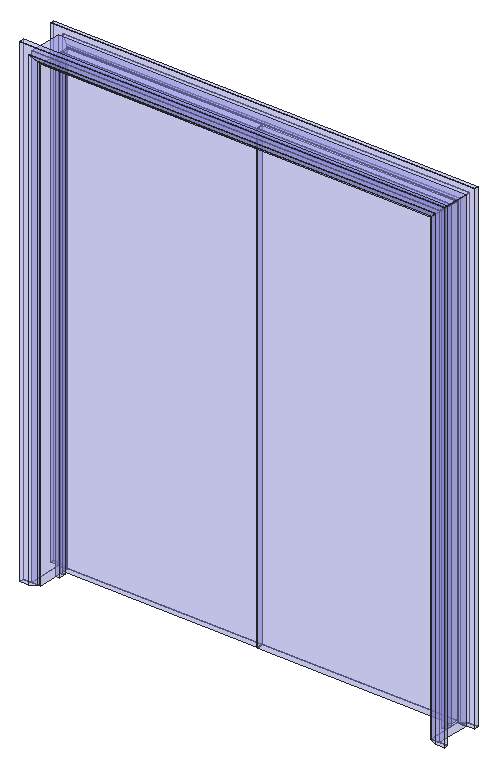
Revit family "a049728a895d4c0a9f4a1c8dd46d458b", category Doors, host Wall, Revit 2025
Family settings
  Host = Wall
  Always vertical = Yes
  Cut with Voids When Loaded = No
  Shared = No
  Room Calculation Point = No
Parameters (values of type "1810x2110mm")
  Visual Light Transmittance = 0.9
  Type Comments = "Internal Double"
  Thickness = 32 mm
  Solar Heat Gain Coefficient = 0.78
  Rough Width = Width  # 1810 mm
  Rough Height = Height  # 2110 mm
  Operation = "DoubleDoorSingleSwing"
  Define Thermal Properties by = Schematic Type
  Construction Type Id = "GSP4R"
  Material Glass = Concept
  Material Frame = Concept
  Material Door = Concept
  Material Architrave = Concept
  Keynote = "L10"
  Height = 2110 mm
  Wall Closure = By host
  Width = 1810 mm
  Heat Transfer Coefficient (U) = 3.6886 W/(m²·K)
  Function = Interior
  Description = "Internal Double Door"
  Assembly Code = ""
  Analytic Construction = "1/8 in Pilkington single glazing"
Reference planes
  plane 1: y = 0
  plane 2 "Center L/R": x = 0
  plane 3 "Left": x = -905
  plane 4 "Right": x = 905
  plane 5 "Head - Opening": z = 2110
  plane 6 "Exterior": y = 75
  plane 7 "Interior": y = -75
  plane 8 "Structural Tolerance LHS": x = -897
  plane 9 "Structural Tolerance RHS": x = 897
  plane 10 "Frame LHS": x = -865
  plane 11 "Frame RHS": x = 865
  plane 12 "Set back": y = 75
  plane 13 "Tol C/L RHS": x = 1.5
  plane 14 "Tolerance RHS": x = 862
  plane 15 "Structural Tolerance Top": z = 2102
  plane 16 "Frame Top": z = 2070
  plane 17 "Tolerance Top": z = 2067
  plane 18 "Undercut": z = 7
  plane 19 "Back of Door Panel": y = 43
  plane 20 "Tolerance Behind Panel": y = 40
  plane 21 "Tolerance LHS": x = -862
  plane 22 "Tol C/L LHS": x = -1.5
  plane 23: z = 0
  plane 24 "Back of Stop": y = 8
  plane 25 "Stop LHS": x = -846
  plane 26 "Architrave LHS": x = -870
  plane 27 "Architrave RHS": x = 870
  plane 28 "Architrave Top": z = 2075
Forms (mm)
  Extrusion 1, solid, material "Concept" <- "Material Frame"
    sketch origin (0, -75, 0) x (1, 0, 0) y (0, 0, 1)
      loop
        line (-905, 0) -> (-865, 0) -> (-865, 2070) -> (865, 2070) -> (865, 0) -> (905, 0) -> (905, 2110) -> (-905, 2110) -> (-905, 0)
    from -150 to 0
  Sweep 2, solid, material "Concept" <- "Material Frame", detail levels fine
    path origin (0, -75, 0) x (1, 0, 0) y (0, 0, 1)
      loop
        line (-865, 0) -> (-865, 2070) -> (865, 2070) -> (865, 0)
    profile origin (0, -75, 1035) x (-1, 0, 0) y (0, -1, 0)
      loop
        line (865, -115) -> (865, -83) -> (846, -83) -> (846, -115) -> (865, -115)
  Extrusion 3, solid, material "Concept" <- "Material Door"
    sketch origin (0, 75, 0) x (1, 0, 0) y (0, 0, 1)
      loop
        line (1.5, 5.753) -> (862, 5.753) -> (862, 2067) -> (1.5, 2067) -> (1.5, 5.753)
    from 0 to 32
  Extrusion 4, solid, material "Concept" <- "Material Door"
    sketch origin (0, 75, 0) x (1, 0, 0) y (0, 0, 1)
      loop
        line (-1.5, 5.753) -> (-1.5, 2067) -> (-862, 2067) -> (-862, 5.753) -> (-1.5, 5.753)
    from 0 to 32
  Sweep 5, solid, material "Concept" <- "Material Architrave", detail levels fine
    path origin (0, 75, 0) x (1, 0, 0) y (0, 0, 1)
      loop
        line (870, 0) -> (870, 2075) -> (-870, 2075) -> (-870, 0)
    profile "Architrave - Chamfered : 20 x 70mm" origin (870, 75, 1037.5) x (-1, 0, 0) y (0, -1, 0)
      loop
        line (-70, 0) -> (-70, -20) -> (-30, -20) -> (-4, -6)
        arc (-4, -6) -> (-1.292, -3.472) -> (0, 0) r 8.062
        line (0, 0) -> (-70, 0)
  Sweep 6, solid, material "Concept" <- "Material Architrave", detail levels fine
    path origin (0, -75, 0) x (1, 0, 0) y (0, 0, 1)
      loop
        line (-870, 0) -> (-870, 2075) -> (870, 2075) -> (870, 0)
    profile "Architrave - Chamfered : 20 x 70mm" origin (-870, -75, 1037.5) x (-1, 0, 0) y (0, -1, 0)
      loop
        line (70, 0) -> (70, 20) -> (30, 20) -> (4, 6)
        arc (4, 6) -> (1.292, 3.472) -> (0, 0) r 8.062
        line (0, 0) -> (70, 0)
Lines and regions (mm)
  Opening 1
    outline origin (-3050, -75, 0) x (1, 0, 0) y (0, 0, 1)
      loop
        line (2145, 0) -> (3955, 0) -> (3955, 2110) -> (2145, 2110) -> (2145, 0)
  symbolic lines, style "Plan Swing", detail levels coarse
    curve 1: line (905, 75, 0) -> (905, 980, 0)
    curve 2: line (-905, 75, 0) -> (-905, 980, 0)
    curve 3: arc (0, 75, 0) -> (265.068, 714.932, 0) -> (905, 980, 0) r 905
    curve 4: arc (0, 75, 0) -> (-265.068, 714.932, 0) -> (-905, 980, 0) r 905
  symbolic lines, style "Elevation Swing", detail levels medium+fine
    curve 5: line (0.055, 0, 5.127) -> (862, 0, 1055)
    curve 6: line (862, 0, 1055) -> (0, 0, 2068.783)
    curve 7: line (0, 0, 2068.783) -> (-862, 0, 1055)
    curve 8: line (-862, 0, 1055) -> (0.055, 0, 5.127)
  symbolic lines, style "Elevation Swing", detail levels coarse
    curve 9: line (0, 0, 2110) -> (-905, 0, 1055)
    curve 10: line (-905, 0, 1055) -> (0.931, 0, -1.345)
    curve 11: line (0, 0, 2110) -> (905, 0, 1055)
    curve 12: line (905, 0, 1055) -> (0.931, 0, -1.345)
  symbolic lines, style "DoorsFrameMullionProjection", detail levels medium
    curve 13: line (-905, 75, 0) -> (-862, 75, 0)
    curve 14: line (-905, -75, 0) -> (-905, 75, 0)
    curve 15: line (-862, -75, 0) -> (-905, -75, 0)
    curve 16: line (-862, 75, 0) -> (-862, -75, 0)
    curve 17: line (905, 75, 0) -> (862, 75, 0)
    curve 18: line (905, -75, 0) -> (905, 75, 0)
    curve 19: line (862, -75, 0) -> (905, -75, 0)
    curve 20: line (862, 75, 0) -> (862, -75, 0)
  symbolic lines, style "DoorsPanelProjection", detail levels medium+fine
    curve 21: line (-862, 75, 0) -> (-830, 75, 0)
    curve 22: line (-862, 935.5, 0) -> (-862, 75, 0)
    curve 23: line (-830, 935.5, 0) -> (-862.108, 935.5, 0)
    curve 24: line (-830, 75, 0) -> (-830, 935.5, 0)
    curve 25: line (862, 75, 0) -> (830, 75, 0)
    curve 26: line (862, 935.5, 0) -> (862, 75, 0)
    curve 27: line (830, 935.5, 0) -> (862, 935.5, 0)
    curve 28: line (830, 75, 0) -> (830, 935.5, 0)
  symbolic lines, style "Plan Swing", detail levels medium+fine
    curve 29: arc (-862.108, 935.5, 0) -> (-253.642, 683.465, 0) -> (-1.607, 74.999, 0) r 860.501
    curve 30: arc (862, 935.5, 0) -> (253.535, 683.465, 0) -> (1.5, 75, 0) r 860.5
  symbolic lines, style "DoorsPanelProjection", detail levels coarse
    curve 31: line (0, 75, 2067) -> (0, 75, 5.753)
    curve 32: line (0, 43, 5.753) -> (0, 43, 2067)
    curve 33: line (0, 43, 2067) -> (0, 75, 2067)
    curve 34: line (0, 75, 5.753) -> (0, 43, 5.753)
  symbolic lines, style "DoorsFrameMullionProjection", detail levels coarse
    curve 35: line (0, 75, 2070) -> (0, -75, 2070)
    curve 36: line (0, -75, 2110) -> (0, 75, 2110)
Text (mm)
  text "Exterior" at (-1739.656, 1099.543, 0), in view "Ref. Level"
  text "Exterior" at (0, 1213.309, 3060.313), in view "Left"
  text "Exterior" at (0, 1036.032, 3874.932), in view "Right"
Dimensions and locks
  equal spacing: plane 3 "Left", plane 2 "Center L/R", plane 4 "Right"
  "Width": plane 3 "Left" to plane 4 "Right"
  equal spacing: host wall, curve 6, plane 5 "Head - Opening"
  equal spacing: host wall, curve 8, plane 5 "Head - Opening"
  locked: plane 6 "Exterior" to host wall
  locked: plane 7 "Interior" to host wall
  locked: plane 3 "Left" to plane 8 "Structural Tolerance LHS" at 8
  locked: plane 8 "Structural Tolerance LHS" to plane 10 "Frame LHS" at 32
  locked: plane 9 "Structural Tolerance RHS" to plane 4 "Right" at 8
  locked: plane 11 "Frame RHS" to plane 9 "Structural Tolerance RHS" at 32
  locked: plane 12 "Set back" to plane 6 "Exterior"
  locked: plane 14 "Tolerance RHS" to plane 11 "Frame RHS" at 3
  locked: plane 5 "Head - Opening" to plane 15 "Structural Tolerance Top" at 8
  locked: plane 15 "Structural Tolerance Top" to plane 16 "Frame Top" at 32
  locked: plane 16 "Frame Top" to plane 17 "Tolerance Top" at 3
  locked: plane 18 "Undercut" to plane 23 at 7
  locked: plane 19 "Back of Door Panel" to plane 12 "Set back" at 32
  locked: plane 20 "Tolerance Behind Panel" to plane 19 "Back of Door Panel" at 3
  locked: plane 10 "Frame LHS" to plane 21 "Tolerance LHS" at 3
  "Height": plane 5 "Head - Opening" to level
  equal spacing: plane 5 "Head - Opening", curve 10, plane 23
  equal spacing: plane 5 "Head - Opening", curve 12, plane 23
  locked: curve 22 to curve 24 at 32
  locked: curve 28 to curve 26 at 32
  locked: plane 22 "Tol C/L LHS" to plane 13 "Tol C/L RHS" at 3
  equal spacing: plane 22 "Tol C/L LHS", plane 2 "Center L/R", plane 13 "Tol C/L RHS"
  locked: plane 10 "Frame LHS" to plane 25 "Stop LHS" at 19
  locked: plane 24 "Back of Stop" to plane 20 "Tolerance Behind Panel" at 32
  locked: plane 26 "Architrave LHS" to plane 10 "Frame LHS" at 5
  locked: plane 11 "Frame RHS" to plane 27 "Architrave RHS" at 5
  locked: plane 16 "Frame Top" to plane 28 "Architrave Top" at 5
  aligned and locked: plane 3 "Left" to Opening 1 sketch curve
  aligned and locked: plane 5 "Head - Opening" to Opening 1 sketch curve  (x2)
  aligned and locked: Opening 1 sketch curve to plane 4 "Right"
  aligned and locked: plane 1 to host wall
  aligned and locked: host wall to Extrusion 1
  aligned and locked: plane 2 "Center L/R" to curve 3
  aligned and locked: curve 13 to Extrusion 1
  aligned and locked: curve 17 to host wall
  aligned and locked: host wall to curve 20
  aligned and locked: plane 23 to Opening 1 sketch curve
  aligned and locked: Extrusion 1 sketch curve to plane 23  (x2)
  aligned and locked: Sweep 2 sketch curve to Extrusion 1  (x3)
  aligned and locked: plane 10 "Frame LHS" to Sweep 2 sketch curve
  aligned and locked: plane 19 "Back of Door Panel" to Extrusion 3
  aligned and locked: Extrusion 3 sketch curve to plane 14 "Tolerance RHS"
  aligned and locked: plane 19 "Back of Door Panel" to Extrusion 4
  aligned and locked: Extrusion 4 to plane 12 "Set back"
  aligned and locked: Extrusion 3 to plane 12 "Set back"
  aligned and locked: plane 13 "Tol C/L RHS" to Extrusion 3
  aligned and locked: Extrusion 4 to plane 22 "Tol C/L LHS"
  aligned and locked: Sweep 2 sketch curve to plane 24 "Back of Stop"
  aligned and locked: curve 22 to plane 21 "Tolerance LHS"
  aligned and locked: curve 26 to plane 14 "Tolerance RHS"
  aligned and locked: plane 25 "Stop LHS" to Sweep 2 sketch curve
  aligned and locked: plane 20 "Tolerance Behind Panel" to Sweep 2 sketch curve
  aligned and locked: Extrusion 3 to curve 30
  aligned and locked: Extrusion 4 sketch curve to plane 17 "Tolerance Top"
  aligned and locked: plane 17 "Tolerance Top" to Extrusion 3 sketch curve
  aligned and locked: level to Sweep 5 sketch curve  (x2)
  aligned and locked: plane 27 "Architrave RHS" to Sweep 5 sketch curve
  aligned and locked: Sweep 5 sketch curve to plane 26 "Architrave LHS"
  aligned and locked: Sweep 5 sketch curve to plane 28 "Architrave Top"
  aligned and locked: Sweep 6 sketch curve to plane 26 "Architrave LHS"
  aligned and locked: plane 27 "Architrave RHS" to Sweep 6 sketch curve
  aligned and locked: Sweep 6 sketch curve to plane 28 "Architrave Top"
  aligned and locked: curve 31 to Extrusion 4
  aligned and locked: curve 32 to Extrusion 4
  aligned and locked: curve 33 to Extrusion 4
  aligned and locked: curve 34 to Extrusion 4
  aligned and locked: curve 35 to Extrusion 1
  aligned and locked: curve 36 to Extrusion 1
Automatic sketch dimensions
  Extrusion 1 sketch curve to plane 3 "Left" = 0 mm
  Extrusion 1 sketch curve to plane 10 "Frame LHS" = 0 mm
  Extrusion 1 sketch curve to plane 11 "Frame RHS" = 0 mm
  Extrusion 1 sketch curve to plane 4 "Right" = 0 mm
  Extrusion 1 sketch curve to plane 16 "Frame Top" = 0 mm
  Extrusion 1 sketch curve to plane 5 "Head - Opening" = 0 mm
  curve 11 to plane 2 "Center L/R" = 0 mm
  curve 11 to plane 5 "Head - Opening" = 0 mm
  plane 13 "Tol C/L RHS" to curve 6 = 1.5 mm
  curve 7 to plane 17 "Tolerance Top" = 1.783 mm
  plane 18 "Undercut" to curve 8 = 1.873 mm
  curve 8 to plane 21 "Tolerance LHS" = 0 mm
  curve 8 to plane 22 "Tol C/L LHS" = 1.555 mm
  curve 5 to plane 14 "Tolerance RHS" = 0 mm
  plane 23 to curve 12 = 1.345 mm
  plane 2 "Center L/R" to curve 10 = 0.931 mm
  Sweep 2 sketch curve to level = 0 mm  (x2)
  plane 13 "Tol C/L RHS" to Extrusion 3 sketch curve = 0 mm
  plane 18 "Undercut" to Extrusion 3 sketch curve = 1.247 mm
  Extrusion 4 sketch curve to plane 21 "Tolerance LHS" = 0 mm
  plane 13 "Tol C/L RHS" to Extrusion 4 sketch curve = 3 mm
  plane 18 "Undercut" to Extrusion 4 sketch curve = 1.247 mm
  curve 4 to host wall = 0 mm
  curve 4 to plane 2 "Center L/R" = 0 mm
  curve 16 to host wall = 0 mm
  curve 13 to host wall = 0 mm
  curve 3 to host wall = 0 mm
  curve 28 to host wall = 0 mm
  curve 23 to curve 22 = 0.108 mm
  curve 29 to host wall = 0.001 mm
  plane 22 "Tol C/L LHS" to curve 29 = 0.107 mm
  curve 30 to plane 13 "Tol C/L RHS" = 0 mm
  Sweep 6 sketch curve to level = 0 mm  (x2)
  curve 35 to host wall = 0 mm  (x2)
  curve 36 to host wall = 0 mm  (x2)
  curve 10 to plane 3 "Left" = 0 mm
  curve 12 to plane 4 "Right" = 0 mm
